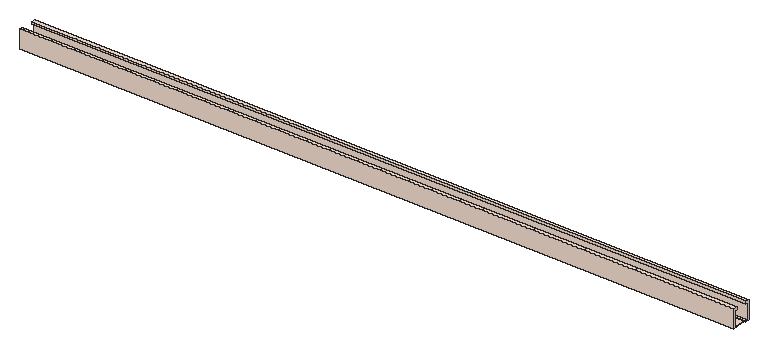
Revit family "CS-25", category 機械設備, Revit 2020
Family settings
  丸型コネクタ寸法 = 直径を使用
  種別 = なし
  パーツ タイプ = 標準
  作業面ベース = いいえ
  常に垂直 = はい
  ロード時にボイドで切り取り = いいえ
  共有 = いいえ
  部屋計算ポイント = いいえ
Parameters
  製造元 = "株式会社桐井製作所"
  既定の高さ = 0 mm
  URL = "https://www.kirii.co.jp/"
  K_長さ(mm) [instance] = 1000 mm
  K_材質 = "SGCC　一般用"
  K_断面積A(mm2) = 42.7
  K_断面係数Zy(mm3) = 381.2
  K_断面係数Zx(mm3) = 263.7
  K_断面2次半径iy(mm) = 10.6
  K_断面2次半径ix(mm) = 9.4
  K_断面2次モーメントIy(mm4) = 4766
  K_断面2次モーメントIx(mm4) = 3744
  K_外形寸法(mm) = "25×25×0.5"
  K_品名 = "CS-25"
  K_名称 = "野縁"
  K_単位質量(kg/m) = 0.351
  K_ヤング係数E(N/mm2) = 205000
  K_バージョン情報 = "20210524"
  K_めっき付着量 = "Z12"
  K_JIS規格 = "JIS G 3302"
  K_JIS外 [instance] = not(K_JIS)  # no
  K_JIS [instance] = yes
Reference planes
  plane 1 "中心(正面/背面)": y = 0
  plane 2: z = 0
  plane 3 "中心(左/右)": x = 0
  plane 4: z = 25
  plane 5: y = 12.5
  plane 6: y = -12.5
  plane 7: x = 1000
Forms (mm)
  Extrusion 1, solid
    sketch origin (0, 0, 0) x (0, 1, 0) y (0, 0, 1)
      loop
        line (-8.5, 25) -> (-12.5, 25) -> (-12.5, 0) -> (-7.5, 0) -> (-6.73, 0.77) -> (6.73, 0.77) -> (7.5, 0) -> (12.5, 0) -> (12.5, 25) -> (8.5, 25) -> (8.5, 22.3) -> (9, 21.586) -> (9, 24.487) -> (11.978, 24.487) -> (11.978, 0.5) -> (7.707, 0.5) -> (6.937, 1.27) -> (-6.937, 1.27) -> (-7.707, 0.5) -> (-11.978, 0.5) -> (-11.978, 24.487) -> (-9, 24.487) -> (-9, 21.586) -> (-8.5, 22.3) -> (-8.5, 25)
    from 0 to 1000
  Extrusion 2, void
    sketch origin (0, 0, 0) x (0, 1, 0) y (0, 0, 1)
      loop
        line (-9.248, 22.301) -> (-9.248, 21.249) -> (9.354, 21.249) -> (9.354, 22.301) -> (-9.248, 22.301)
    from 0 to 1000
Cuts and joins
  Extrusion 2 cuts Extrusion 1
Dimensions and locks
  "K_長さ(mm)": plane 7 to plane 3 "中心(左/右)"
  aligned and locked: level to plane 2
  aligned and locked: Extrusion 2 to Extrusion 1
  aligned and locked: plane 7 to cut or joined group of Extrusion 1, Extrusion 2
Automatic sketch dimensions
  Extrusion 1 sketch curve to level = 0 mm  (x2)
  Extrusion 1 sketch curve to plane 6 = 0 mm
  Extrusion 1 sketch curve to plane 4 = 0 mm  (x2)
  Extrusion 1 sketch curve to plane 5 = 0 mm
  plane 6 to Extrusion 1 sketch curve = 0.521 mm
  Extrusion 1 sketch curve to plane 4 = 0.513 mm  (x2)
  Extrusion 1 sketch curve to Extrusion 1 sketch curve = 2.979 mm
  Extrusion 1 sketch curve to Extrusion 1 sketch curve = 0.5 mm  (x2)
  level to Extrusion 1 sketch curve = 0.5 mm  (x2)
  Extrusion 1 sketch curve to Extrusion 1 sketch curve = 4.271 mm
  Extrusion 1 sketch curve to Extrusion 1 sketch curve = 0.207 mm  (x4)
  Extrusion 1 sketch curve to Extrusion 1 sketch curve = 0.77 mm  (x2)
  level to Extrusion 1 sketch curve = 0.77 mm
  Extrusion 1 sketch curve to plane 5 = 5.77 mm
  level to Extrusion 1 sketch curve = 1.27 mm
  Extrusion 1 sketch curve to Extrusion 1 sketch curve = 4 mm
  Extrusion 1 sketch curve to plane 5 = 0.521 mm
  Extrusion 1 sketch curve to Extrusion 1 sketch curve = 2.901 mm
  Extrusion 1 sketch curve to plane 4 = 3.414 mm
  Extrusion 1 sketch curve to Extrusion 1 sketch curve = 0.714 mm  (x2)
  plane 6 to Extrusion 2 sketch curve = 3.252 mm
  Extrusion 2 sketch curve to plane 5 = 3.145 mm
  Extrusion 2 sketch curve to plane 4 = 3.751 mm
  Extrusion 2 sketch curve to Extrusion 2 sketch curve = 1.052 mm
